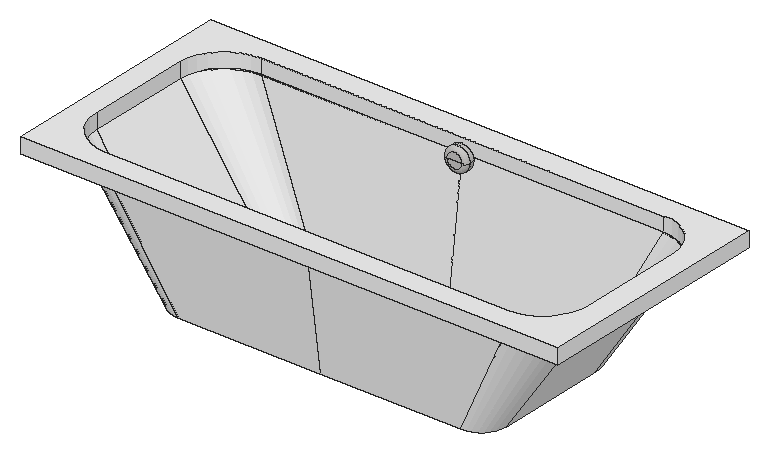
Revit family "NLRS_74_PF_UN_bad_S8H0W000000_SPHINX_BCB", category Plumbing Fixtures, Revit 2016
Family settings
  Part Type = Normal
  Round Connector Dimension = Use Radius
  OmniClass Number = 23.45.00.00
  OmniClass Title = Sanitary, Laundry, and Cleaning Equipment
  Work Plane-Based = No
  Always vertical = Yes
  Cut with Voids When Loaded = No
  Shared = No
  Room Calculation Point = No
Parameters (values of type "300 bad 180x80")
  NLRS_C_type = ""
  NLRS_C_serie = ""
  radius = 25 mm
  NLRS_C_revit_versie = "2016"
  NLRS_C_content_versie = "2.0"
  NLRS_C_content_provider = "BouwConnect"
  NLRS_C_content_datum_uitgifte = "APR-2018"
  NLRS_C_content_datum_gewijzigd = "APR-2018"
  NLRS_C_content_creator = "BouwConnect"
  NLRS_C_URL_product_data = "http://www.sphinx.nl/producten/baden/rechthoekige-baden/sphinx-b40-%7C-duobad-b40300/30089/"
  NLRS_C_code_artikel = "S8H0Y000000"
  Waste Connection = yes
  WFU = 0
  URL = "http://www.sphinx.nl/"
  NLRS_S_gewicht = 21.00 kg
  NLRS_C_materiaal_01 = NLRS_h2_staal_Sphinx
  NLRS_C_materiaal = NLRS_n6_acryl_wit_Sphinx
  NLRS_C_lengte = 1800 mm
  NLRS_C_hoogte = 450 mm
  NLRS_C_diameter_uit = 50 mm
  NLRS_C_breedte = 800 mm
  Model = ""
  Manufacturer = "Sphinx"  # constant formula
  Keynote = ""
  IfcTypeProduct = "IfcSanitaryTerminalType"
  IfcExportType = "BATH"
  IfcExportAs = "IfcSanitaryTerminalTypeEnum"
  IfcElement = "IfcFlowTerminal"
  NLRS_C_code_EAN = "8711754119482"
  Description = "bad"
  NLRS_C_URL_BCB = "http://bcb-online.nl/?zoekterm=Sphinx+++%5bGeberit+B.V.%5d"
  Assembly Code = ""
Reference planes
  plane 1 "Center (Front/Back)": y = 0
  plane 2: z = 0
  plane 3 "Center (Left/Right)": x = 0
Forms (mm)
  Extrusion 1, solid, material "NLRS_n6_acryl_wit_Sphinx" <- "NLRS_C_materiaal", detail levels medium+fine
    sketch origin (0, 0, -450) x (1, 0, 0) y (0, 1, 0)
      loop
        line (0, 0) -> (0, -400) -> (75, -400) -> (75, -225)
        arc (75, -225) -> (118.934, -118.934) -> (225, -75) r 150
        line (225, -75) -> (1575, -75)
        arc (1575, -75) -> (1681.066, -118.934) -> (1725, -225) r 150
        line (1725, -225) -> (1725, -400) -> (1800, -400) -> (1800, 0) -> (0, 0)
    from 400 to 450
  Blend 2, solid, material "NLRS_n6_acryl_wit_Sphinx" <- "NLRS_C_materiaal", detail levels medium+fine
    base sketch origin (0, 0, -450) x (1, 0, 0) y (0, 1, 0)
      loop
        arc (425.801, -128.665) -> (365.697, -153.561) -> (340.801, -213.665) r 85
        line (340.801, -213.665) -> (340.801, -586.201)
        arc (340.801, -586.201) -> (365.697, -646.306) -> (425.801, -671.201) r 85
        line (425.801, -671.201) -> (900.179, -671.201) -> (1374.199, -671.201)
        arc (1374.199, -671.201) -> (1434.303, -646.306) -> (1459.199, -586.201) r 85
        line (1459.199, -586.201) -> (1459.199, -213.665)
        arc (1459.199, -213.665) -> (1434.303, -153.561) -> (1374.199, -128.665) r 85
        line (1374.199, -128.665) -> (900, -128.665) -> (425.801, -128.665)
    top sketch origin (0, 0, -450) x (1, 0, 0) y (0, 1, 0)
      loop
        arc (225, -72) -> (116.813, -116.813) -> (72, -225) r 153
        line (72, -225) -> (72, -575)
        arc (72, -575) -> (116.813, -683.187) -> (225, -728) r 153
        line (225, -728) -> (900, -728) -> (1575, -728)
        arc (1575, -728) -> (1683.187, -683.187) -> (1728, -575) r 153
        line (1728, -575) -> (1728, -225)
        arc (1728, -225) -> (1683.187, -116.813) -> (1575, -72) r 153
        line (1575, -72) -> (900, -72) -> (225, -72)
    from 0 to 400
  Blend 3, void, detail levels medium+fine
    base sketch origin (0, 0, -447) x (1, 0, 0) y (0, 1, 0)
      loop
        arc (425.801, -131.668) -> (367.819, -155.685) -> (343.801, -213.668) r 82
        line (343.801, -213.668) -> (343.801, -586.202)
        arc (343.801, -586.202) -> (367.819, -644.184) -> (425.801, -668.202) r 82
        line (425.801, -668.202) -> (900.211, -668.202) -> (1374.199, -668.202)
        arc (1374.199, -668.202) -> (1432.181, -644.184) -> (1456.199, -586.202) r 82
        line (1456.199, -586.202) -> (1456.199, -213.668)
        arc (1456.199, -213.668) -> (1432.181, -155.685) -> (1374.199, -131.668) r 82
        line (1374.199, -131.668) -> (900, -131.668) -> (425.801, -131.668)
    top sketch origin (0, 0, -447) x (1, 0, 0) y (0, 1, 0)
      loop
        arc (225, -75) -> (118.934, -118.934) -> (75, -225) r 150
        line (75, -225) -> (75, -575)
        arc (75, -575) -> (118.934, -681.066) -> (225, -725) r 150
        line (225, -725) -> (900, -725) -> (1575, -725)
        arc (1575, -725) -> (1681.066, -681.066) -> (1725, -575) r 150
        line (1725, -575) -> (1725, -225)
        arc (1725, -225) -> (1681.066, -118.934) -> (1575, -75) r 150
        line (1575, -75) -> (900, -75) -> (225, -75)
    from 0 to 400
  Extrusion 4, solid, material "NLRS_n6_acryl_wit_Sphinx" <- "NLRS_C_materiaal", detail levels medium+fine
    sketch origin (0, -800, -450) x (1, 0, 0) y (0, 1, 0)
      loop
        line (0, 0) -> (1800, 0) -> (1800, 400) -> (1725, 400) -> (1725, 225)
        arc (1725, 225) -> (1681.066, 118.934) -> (1575, 75) r 150
        line (1575, 75) -> (225, 75)
        arc (225, 75) -> (118.934, 118.934) -> (75, 225) r 150
        line (75, 225) -> (75, 400) -> (0, 400) -> (0, 0)
    from 400 to 450
  Extrusion 5, solid, material "NLRS_n6_acryl_wit_Sphinx" <- "NLRS_C_materiaal", detail levels coarse
    sketch origin (0, 0, -450) x (1, 0, 0) y (0, 1, 0)
      loop
        line (0, 0) -> (0, -800) -> (1800, -800) -> (1800, 0) -> (0, 0)
    from 0 to 450
  Extrusion 6, void, detail levels coarse
    sketch origin (0, 0, -450) x (1, 0, 0) y (0, 1, 0)
      loop
        arc (225, -72) -> (116.813, -116.813) -> (72, -225) r 153
        line (72, -225) -> (72, -575)
        arc (72, -575) -> (116.813, -683.187) -> (225, -728) r 153
        line (225, -728) -> (900, -728) -> (1575, -728)
        arc (1575, -728) -> (1683.187, -683.187) -> (1728, -575) r 153
        line (1728, -575) -> (1728, -225)
        arc (1728, -225) -> (1683.187, -116.813) -> (1575, -72) r 153
        line (1575, -72) -> (900, -72) -> (225, -72)
    from 50 to 556.495
  Revolve 7, solid, material "NLRS_h2_staal_Sphinx" <- "NLRS_C_materiaal_01", detail levels fine
    sketch origin (-50, -3.425, -60) x (1, 0, 0) y (0, 1, 0)
      loop
        line (950, -72) -> (910, -72) -> (910, -87)
        arc (910, -87) -> (914.393, -97.607) -> (925, -102) r 15
        line (925, -102) -> (950, -102) -> (950, -72)
      axis (950, -102) -> (950, -72)
    angle from 0 to 360
  Extrusion 8, solid, material "NLRS_h2_staal_Sphinx" <- "NLRS_C_materiaal_01", detail levels fine
    sketch origin (0.957, 90.916, -450) x (1, 0, 0) y (0, 1, 0)
      loop
        circle (899.022, -346.916) r 26
    from -10 to 0
  Extrusion 9, void, detail levels fine
    sketch origin (-50, 26, -450) x (1, 0, 0) y (0, 1, 0)
      loop
        circle (950, -282) r 23
    from -20 to 10
  Revolve 10, solid, material "NLRS_h2_staal_Sphinx" <- "NLRS_C_materiaal_01", detail levels fine
    sketch origin (-50, -256, -450) x (1, 0, 0) y (0, 0, 1)
      loop
        arc (920.939, 11) -> (907.985, 9.448) -> (895.764, 4.881) r 54.847
        arc (895.764, 4.881) -> (895.444, 4.657) -> (895.194, 4.356) r 1.467
        arc (895.194, 4.356) -> (895.093, 3.653) -> (895.545, 3.106) r 0.878
        arc (895.545, 3.106) -> (896.133, 3.026) -> (896.725, 3) r 6.633
        line (896.725, 3) -> (950, 3) -> (950, 11) -> (920.939, 11)
      axis (950, 3) -> (950, 11)
    angle from 0 to 360
  Extrusion 11, solid, material "NLRS_n6_acryl_wit_Sphinx" <- "NLRS_C_materiaal", not visible
    sketch origin (0, 0, -450) x (1, 0, 0) y (0, 1, 0)
      loop
        circle (900, -256) r 25
    from 0 to 5
Cuts and joins
  Extrusion 9 cuts Extrusion 1
  Blend 3, Extrusion 9 cuts Blend 2
  Extrusion 9 cuts Extrusion 4
  joined: Extrusion 1, Blend 2, Extrusion 4
  Extrusion 6 cuts Extrusion 5
  Extrusion 9 cuts Extrusion 8
  Extrusion 9 cuts Revolve 10
Dimensions and locks
  aligned and locked: level to plane 2
Connectors
  piping at (900, -256, -450), diameter 50, driven by "WFU", driven by "radius"
    settings: on Extrusion 11, index 1, connector inside diameter 50 mm, connector length 0 mm, flow factor 0, pipe flow 0.0 L/s, pressure drop 0.0 Pa, fitting loss kfactor 0, connector angle 0.00°, fixture units 0, engagement length 0 mm, angle of deflection 0.00°, flow configuration 3, flow direction 2, fitting loss method 0, system type 16, joint type 0, gender type 0, connector reference index -1, connector utility 0, adjustable connector no, is connector primary yes, connector description "out"
